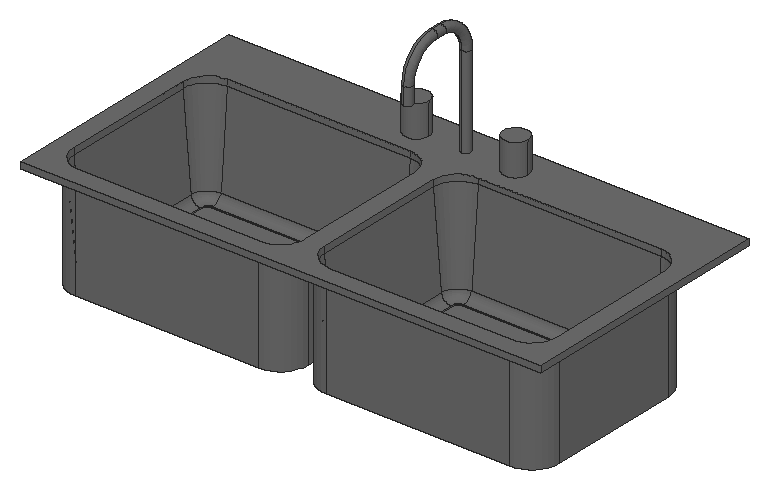
Revit family "OSU_12_35_70_Cabinet_Double Door w_Double Sink_Single Faucet", category Casework, Revit 2011
Parameters (values of type "OSU_22_43_16_Sink Double")
  Sink Material [instance] = OSU_Metal - Steel, Polished
  Faucet Material [instance] = OSU_Metal - Steel, Polished
  Assembly Code = "D2010410"
  Counter Height = 3' - 0"
  Depth = 1' - 9"
  Width = 3' - 6"
Reference planes (in)
  plane 1 "Center (Front/Back)": y = -1.40766
  plane 2: z = 0
  plane 3 "Center (Left/Right)": x = 0.61769
  plane 4: y = 10.59234
  plane 5: y = -10.40766
  plane 6: x = -20.38231
  plane 7: x = 21.61769
  plane 8 "Top Of Counter": z = 36
  plane 9: z = 36.5
  plane 10: z = 27.5
  plane 11: y = 6.09234
  plane 12: x = -18.88231
  plane 13: y = -8.90766
  plane 14: x = 20.11769
  plane 15: z = 39
  plane 16: z = 37.5
  plane 17: x = -0.13231
  plane 18: x = 1.36769
  plane 19: x = -9.13231
  plane 20: x = 10.36769
  plane 21: z = 27.875
  plane 22: x = -3.38231
  plane 23: x = 4.61769
  plane 24: y = 8.34234
  plane 25: y = 8.34234
  plane 26: z = 46.375
  plane 27: y = 2.46734
Forms (in)
  Extrusion 1, solid, material "OSU_Metal - Steel, Polished" <- "Sink Material"
    sketch origin (0, 0, 0) x (1, 0, 0) y (0, 1, 0)
      loop
        line (-20.38231, 10.59234) -> (-20.38231, -10.40766) -> (21.61769, -10.40766) -> (21.61769, 10.59234) -> (-20.38231, 10.59234)
      loop
        arc (-16.88231, 6.09234) -> (-18.29653, 5.50655) -> (-18.88231, 4.09234) r 2
        line (-18.88231, 4.09234) -> (-18.88231, -6.90766)
        arc (-18.88231, -6.90766) -> (-18.29653, -8.32187) -> (-16.88231, -8.90766) r 2
        line (-16.88231, -8.90766) -> (-2.13231, -8.90766)
        arc (-2.13231, -8.90766) -> (-0.7181, -8.32187) -> (-0.13231, -6.90766) r 2
        line (-0.13231, -6.90766) -> (-0.13231, 4.09234)
        arc (-0.13231, 4.09234) -> (-0.7181, 5.50655) -> (-2.13231, 6.09234) r 2
        line (-2.13231, 6.09234) -> (-16.88231, 6.09234)
      loop
        arc (18.11769, -8.90766) -> (19.5319, -8.32187) -> (20.11769, -6.90766) r 2
        line (20.11769, -6.90766) -> (20.11769, 4.09234)
        arc (20.11769, 4.09234) -> (19.5319, 5.50655) -> (18.11769, 6.09234) r 2
        line (18.11769, 6.09234) -> (3.36769, 6.09234)
        arc (3.36769, 6.09234) -> (1.95347, 5.50655) -> (1.36769, 4.09234) r 2
        line (1.36769, 4.09234) -> (1.36769, -6.90766)
        arc (1.36769, -6.90766) -> (1.95347, -8.32187) -> (3.36769, -8.90766) r 2
        line (3.36769, -8.90766) -> (18.11769, -8.90766)
    from 36 to 36.5
  Sweep 2, solid, material "OSU_Metal - Steel, Polished" <- "Sink Material"
    path origin (0, 0, 0) x (1, 0, 0) y (0, 1, 0)
      loop
        arc (-16.88231, 6.09234) -> (-18.29653, 5.50655) -> (-18.88231, 4.09234) r 2
        line (-18.88231, 4.09234) -> (-18.88231, -6.90766)
        arc (-18.88231, -6.90766) -> (-18.29653, -8.32187) -> (-16.88231, -8.90766) r 2
        line (-16.88231, -8.90766) -> (-2.13231, -8.90766)
        arc (-2.13231, -8.90766) -> (-0.7181, -8.32187) -> (-0.13231, -6.90766) r 2
        line (-0.13231, -6.90766) -> (-0.13231, 4.09234)
        arc (-0.13231, 4.09234) -> (-0.7181, 5.50655) -> (-2.13231, 6.09234) r 2
        line (-2.13231, 6.09234) -> (-16.88231, 6.09234)
    profile origin (-9.50731, 0, 0) x (0, 1, 0) y (0, 0, 1)
      loop
        line (6.09234, 36) -> (5.44139, 28.55963)
        arc (5.44139, 28.55963) -> (5.20094, 28.07204) -> (4.69424, 27.875) r 0.75
        line (4.69424, 27.875) -> (4.59234, 27.875) -> (4.59234, 27.5) -> (6.34234, 27.5) -> (6.34234, 36) -> (6.09234, 36)
  Extrusion 3, solid, material "OSU_Metal - Steel, Polished" <- "Sink Material"
    sketch origin (0, 0, 0) x (1, 0, 0) y (0, 1, 0)
      loop
        arc (-16.88231, 4.59234) -> (-17.23587, 4.44589) -> (-17.38231, 4.09234) r 0.5
        line (-17.38231, 4.09234) -> (-17.38231, -6.90766)
        arc (-17.38231, -6.90766) -> (-17.23587, -7.26121) -> (-16.88231, -7.40766) r 0.5
        line (-16.88231, -7.40766) -> (-2.13231, -7.40766)
        arc (-2.13231, -7.40766) -> (-1.77876, -7.26121) -> (-1.63231, -6.90766) r 0.5
        line (-1.63231, -6.90766) -> (-1.63231, 4.09234)
        arc (-1.63231, 4.09234) -> (-1.77876, 4.44589) -> (-2.13231, 4.59234) r 0.5
        line (-2.13231, 4.59234) -> (-16.88231, 4.59234)
      loop
        circle (-9.13231, -1.40766) r 1
    from 27.5 to 27.875
  Sweep 4, solid, material "OSU_Metal - Steel, Polished" <- "Sink Material"
    path origin (1.23537, 0, 0) x (-1, 0, 0) y (0, -1, 0)
      loop
        line (-16.88231, -6.09234) -> (-2.13231, -6.09234)
        arc (-2.13231, -6.09234) -> (-0.7181, -5.50655) -> (-0.13231, -4.09234) r 2
        line (-0.13231, -4.09234) -> (-0.13231, 6.90766)
        arc (-0.13231, 6.90766) -> (-0.7181, 8.32187) -> (-2.13231, 8.90766) r 2
        line (-2.13231, 8.90766) -> (-16.88231, 8.90766)
        arc (-16.88231, 8.90766) -> (-18.29653, 8.32187) -> (-18.88231, 6.90766) r 2
        line (-18.88231, 6.90766) -> (-18.88231, -4.09234)
        arc (-18.88231, -4.09234) -> (-18.29653, -5.50655) -> (-16.88231, -6.09234) r 2
    profile origin (10.74269, 0, 0) x (0, -1, 0) y (0, 0, 1)
      loop
        line (-6.09234, 36) -> (-6.34234, 36) -> (-6.34234, 27.5) -> (-4.59234, 27.5) -> (-4.59234, 27.875) -> (-4.69424, 27.875)
        arc (-4.69424, 27.875) -> (-5.20094, 28.07204) -> (-5.44139, 28.55963) r 0.75
        line (-5.44139, 28.55963) -> (-6.09234, 36)
  Extrusion 5, solid, material "OSU_Metal - Steel, Polished" <- "Sink Material"
    sketch origin (0, 0, 0) x (1, 0, 0) y (0, 1, 0)
      loop
        arc (3.36769, 4.69424) -> (3.01413, 4.5478) -> (2.86769, 4.19424) r 0.5
        line (2.86769, 4.19424) -> (2.86769, -6.90766)
        arc (2.86769, -6.90766) -> (3.01413, -7.26121) -> (3.36769, -7.40766) r 0.5
        line (3.36769, -7.40766) -> (18.11769, -7.40766)
        arc (18.11769, -7.40766) -> (18.47124, -7.26121) -> (18.61769, -6.90766) r 0.5
        line (18.61769, -6.90766) -> (18.61769, 4.19424)
        arc (18.61769, 4.19424) -> (18.47124, 4.5478) -> (18.11769, 4.69424) r 0.5
        line (18.11769, 4.69424) -> (3.36769, 4.69424)
      loop
        circle (10.36769, -1.40766) r 1
    from 27.5 to 27.875
  Extrusion 6, solid, material "OSU_Metal - Steel, Polished" <- "Faucet Material"
    sketch origin (0, 0, 0) x (1, 0, 0) y (0, 1, 0)
      loop
        circle (-3.38231, 8.34234) r 1
      loop
        circle (4.61769, 8.34234) r 1
    from 36.5 to 39
  Sweep 7, solid, material "OSU_Metal - Steel, Polished" <- "Faucet Material"
    path origin (0.61769, 0, 0) x (0, 1, 0) y (0, 0, 1)
      loop
        line (8.34234, 36.5) -> (8.34234, 43.875)
        arc (8.34234, 43.875) -> (7.61011, 45.64277) -> (5.84234, 46.375) r 2.5
        line (5.84234, 46.375) -> (4.96734, 46.375)
        arc (4.96734, 46.375) -> (3.19957, 45.64277) -> (2.46734, 43.875) r 2.5
        line (2.46734, 43.875) -> (2.46734, 42.5)
    profile origin (0.61769, 0, 40.1875) x (0, -1, 0) y (1, 0, 0)
      loop
        circle (-8.34234, 0) r 0.375
Cuts and joins
  joined: Extrusion 1, Sweep 2, Sweep 4
Lines and regions (in)
  Masking region 1
    outline origin (0, 0, 36) x (0, -1, 0) y (1, 0, 0)
      loop
        line (-10.59234, -20.38231) -> (10.40766, -20.38231) -> (10.40766, 21.61769) -> (-10.59234, 21.61769) -> (-10.59234, -20.38231)
  symbolic lines
    curve 1: line (-18.88231, 4.09234, 36) -> (-18.88231, -6.90766, 36)
    curve 2: line (-16.88231, -8.90766, 36) -> (-2.13231, -8.90766, 36)
    curve 3: line (20.11769, -6.90766, 36) -> (20.11769, 4.09234, 36)
    curve 4: line (18.11769, 6.09234, 36) -> (3.36769, 6.09234, 36)
    curve 5: arc (20.11769, 4.09234, 36) -> (19.5319, 5.50655, 36) -> (18.11769, 6.09234, 36) r 2
    curve 6: arc (18.11769, -8.90766, 36) -> (19.5319, -8.32187, 36) -> (20.11769, -6.90766, 36) r 2
    curve 7: arc (-18.88231, -6.90766, 36) -> (-18.29653, -8.32187, 36) -> (-16.88231, -8.90766, 36) r 2
    curve 8: arc (-16.88231, 6.09234, 36) -> (-18.29653, 5.50655, 36) -> (-18.88231, 4.09234, 36) r 2
    curve 9: line (-0.13231, 4.09234, 36) -> (-0.13231, -6.90766, 36)
    curve 10: line (1.36769, 4.09234, 36) -> (1.36769, -6.90766, 36)
    curve 11: line (3.36769, -8.90766, 36) -> (18.11769, -8.90766, 36)
    curve 12: line (-2.13231, 6.09234, 36) -> (-16.88231, 6.09234, 36)
    curve 13: arc (3.36769, 6.09234, 36) -> (1.95347, 5.50655, 36) -> (1.36769, 4.09234, 36) r 2
    curve 14: arc (1.36769, -6.90766, 36) -> (1.95347, -8.32187, 36) -> (3.36769, -8.90766, 36) r 2
    curve 15: arc (-0.13231, -6.90766, 36) -> (-0.7181, -8.32187, 36) -> (-2.13231, -8.90766, 36) r 2
    curve 16: arc (-0.13231, 4.09234, 36) -> (-0.7181, 5.50655, 36) -> (-2.13231, 6.09234, 36) r 2
    curve 17: arc (-10.13231, -1.40766, 36) -> (-9.13231, -0.40766, 36) -> (-8.13231, -1.40766, 36) r 1
    curve 18: arc (-8.13231, -1.40766, 36) -> (-9.13231, -2.40766, 36) -> (-10.13231, -1.40766, 36) r 1
    curve 19: arc (9.36769, -1.40766, 36) -> (10.36769, -0.40766, 36) -> (11.36769, -1.40766, 36) r 1
    curve 20: arc (11.36769, -1.40766, 36) -> (10.36769, -2.40766, 36) -> (9.36769, -1.40766, 36) r 1
Dimensions and locks (in)
  equal spacing: plane 6, plane 3 "Center (Left/Right)", plane 7
  "Width": plane 6 to plane 7
  "Depth": plane 5 to plane 4
  "Counter Height": plane 8 "Top Of Counter" to plane 2
  locked: plane 9 to plane 8 "Top Of Counter" at 0.5
  locked: plane 8 "Top Of Counter" to plane 10 at 8.5
  locked: plane 6 to plane 12 at 1.5
  locked: plane 14 to plane 7 at 1.5
  locked: plane 11 to plane 4 at 4.5
  locked: plane 5 to plane 13 at 1.5
  locked: plane 15 to plane 9 at 2.5
  locked: plane 16 to plane 9 at 1
  plane 17 to plane 3 "Center (Left/Right)" to plane 18 = 0' - 0 3/4" locked, 0' - 0 3/4" locked
  equal spacing: plane 12, plane 19, plane 3 "Center (Left/Right)"
  equal spacing: plane 3 "Center (Left/Right)", plane 20, plane 14
  equal spacing: plane 13, plane 1 "Center (Front/Back)", plane 11
  locked: plane 21 to plane 10 at 0.375
  locked: plane 25 to plane 27 at 5.875
  aligned and locked: Extrusion 1 sketch curve to plane 5
  aligned and locked: plane 7 to Extrusion 1 sketch curve
  aligned and locked: plane 4 to Extrusion 1 sketch curve
  aligned and locked: Extrusion 1 sketch curve to plane 6
  aligned and locked: plane 8 "Top Of Counter" to Extrusion 1
  aligned and locked: Extrusion 1 to plane 9
  aligned and locked: plane 11 to Extrusion 1 sketch curve
  aligned and locked: plane 14 to Extrusion 1 sketch curve
  aligned and locked: Extrusion 1 sketch curve to plane 12
  aligned and locked: Extrusion 1 sketch curve to plane 13
  aligned and locked: plane 11 to Sweep 2 sketch curve
  aligned and locked: Sweep 2 sketch curve to plane 12
  aligned and locked: Sweep 2 sketch curve to plane 13
  aligned and locked: Sweep 2 to Extrusion 3 sketch curve  (x4)
  aligned and locked: plane 10 to Extrusion 3
  aligned and locked: Sweep 2 sketch curve to plane 10
  aligned and locked: plane 8 "Top Of Counter" to Sweep 2 sketch curve
  aligned and locked: Sweep 2 sketch curve to Extrusion 1
  aligned and locked: Sweep 4 sketch curve to plane 14
  aligned and locked: Sweep 4 sketch curve to Extrusion 1
  aligned and locked: Sweep 4 sketch curve to plane 11
  aligned and locked: plane 13 to Sweep 4 sketch curve
  aligned and locked: plane 10 to Extrusion 5
  aligned and locked: curve 17 to Extrusion 3
  aligned and locked: curve 19 to Extrusion 5
  aligned and locked: Extrusion 5 sketch curve to Sweep 4
  aligned and locked: Sweep 4 sketch curve to plane 8 "Top Of Counter"
  aligned and locked: plane 10 to Sweep 4 sketch curve
  aligned and locked: plane 4 to Masking region 1 sketch curve
  aligned and locked: plane 7 to Masking region 1 sketch curve
  aligned and locked: Masking region 1 sketch curve to plane 5
  aligned and locked: Masking region 1 sketch curve to plane 6
  aligned and locked: Extrusion 3 to plane 21
  aligned and locked: Extrusion 5 to plane 21
  aligned and locked: plane 22 to Extrusion 6 sketch curve
  aligned and locked: plane 24 to Extrusion 6 sketch curve  (x2)
  aligned and locked: plane 23 to Extrusion 6 sketch curve
  aligned and locked: Sweep 7 sketch curve to plane 25
  aligned and locked: plane 26 to Sweep 7 sketch curve
  aligned and locked: plane 27 to Sweep 7 sketch curve
  aligned and locked: Sweep 7 sketch curve to plane 3 "Center (Left/Right)"
Automatic sketch dimensions
  plane 13 to Extrusion 1 sketch curve = 0' - 0"
  Extrusion 1 sketch curve to plane 17 = 0' - 0"
  Extrusion 1 sketch curve to plane 18 = 0' - 0"
  plane 11 to Extrusion 1 sketch curve = 0' - 0"
  Extrusion 1 sketch curve to plane 12 = 0' - 2"  (x2)
  Extrusion 1 sketch curve to Extrusion 1 sketch curve = 0' - 2"  (x3)
  Extrusion 1 sketch curve to plane 18 = 0' - 2"  (x2)
  plane 14 to Extrusion 1 sketch curve = 0' - 2"
  Sweep 2 sketch curve to plane 12 = 0' - 2"  (x2)
  Sweep 2 sketch curve to plane 3 "Center (Left/Right)" = 0' - 2 3/4"  (x2)
  Sweep 2 sketch curve to profile plane = 0' - 0"
  profile plane to Sweep 2 sketch curve = 0' - 0.65095"
  Sweep 2 sketch curve to Sweep 2 sketch curve = 0' - 0.74715"
  Sweep 2 sketch curve to Sweep 2 sketch curve = 0' - 0.10191"
  Sweep 2 sketch curve to Sweep 2 sketch curve = 0' - 0 1/4"
  Sweep 2 sketch curve to Sweep 2 sketch curve = 0' - 0 3/8"
  Sweep 2 sketch curve to Sweep 2 sketch curve = 0' - 0.68463"
  Extrusion 3 sketch curve to Extrusion 3 sketch curve = 0' - 0"  (x2)
  plane 1 "Center (Front/Back)" to Extrusion 3 sketch curve = 0' - 0"
  Extrusion 3 sketch curve to plane 19 = 0' - 0"
  Extrusion 3 sketch curve to Extrusion 3 sketch curve = 0' - 0 1/2"  (x4)
  Extrusion 3 sketch curve to Extrusion 3 sketch curve = 0' - 1"
  plane 14 to Sweep 4 sketch curve = 0' - 2"  (x2)
  plane 3 "Center (Left/Right)" to Sweep 4 sketch curve = 0' - 2 3/4"  (x2)
  Sweep 4 sketch curve to profile plane = 0' - 0"
  profile plane to Sweep 4 sketch curve = 0' - 0 1/4"
  Sweep 4 sketch curve to profile plane = 0' - 0.65095"
  Sweep 4 sketch curve to Sweep 4 sketch curve = 0' - 0.74715"
  Sweep 4 sketch curve to Sweep 4 sketch curve = 0' - 0.10191"
  Sweep 4 sketch curve to Sweep 4 sketch curve = 0' - 0 3/8"
  Sweep 4 sketch curve to Sweep 4 sketch curve = 0' - 0.68463"
  Extrusion 5 sketch curve to Extrusion 5 sketch curve = 0' - 0"  (x2)
  plane 1 "Center (Front/Back)" to Extrusion 5 sketch curve = 0' - 0"
  Extrusion 5 sketch curve to plane 20 = 0' - 0"
  plane 20 to Extrusion 5 sketch curve = 0' - 1"
  Extrusion 5 sketch curve to plane 13 = 0' - 1 1/2"
  plane 3 "Center (Left/Right)" to Extrusion 5 sketch curve = 0' - 2 3/4"  (x2)
  Extrusion 5 sketch curve to Extrusion 5 sketch curve = 0' - 0 1/2"  (x2)
  plane 14 to Extrusion 5 sketch curve = 0' - 2"  (x2)
  plane 11 to curve 16 = 0' - 0"
  plane 11 to curve 4 = 0' - 0"
  curve 8 to plane 12 = 0' - 0"
  curve 5 to plane 14 = 0' - 0"
  plane 13 to curve 11 = 0' - 0"
  plane 13 to curve 15 = 0' - 0"
  curve 13 to curve 13 = 0' - 2"
  curve 8 to curve 8 = 0' - 2"
  plane 11 to curve 5 = 0' - 2"
  curve 16 to curve 16 = 0' - 2"
  curve 15 to plane 3 "Center (Left/Right)" = 0' - 0 3/4"
  curve 15 to plane 13 = 0' - 2"
  curve 1 to plane 13 = 0' - 2"
  plane 3 "Center (Left/Right)" to curve 14 = 0' - 0 3/4"
  curve 15 to curve 14 = 0' - 0"
  curve 3 to plane 13 = 0' - 2"
  plane 22 to Extrusion 6 sketch curve = 0' - 1"
  plane 23 to Extrusion 6 sketch curve = 0' - 1"
  plane 9 to Sweep 7 sketch curve = 0' - 0"
  plane 11 to Sweep 7 sketch curve = 0' - 1 1/8"
  plane 11 to Sweep 7 sketch curve = 0' - 0 1/4"
  Sweep 7 sketch curve to Sweep 7 sketch curve = 0' - 1 3/8"
  Sweep 7 sketch curve to Sweep 7 sketch curve = 0' - 0"  (x2)
  Sweep 7 sketch curve to profile plane = 0' - 0"
  profile plane to Sweep 7 sketch curve = 0' - 0 3/8"
